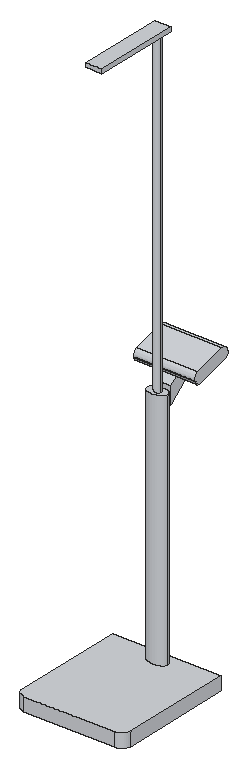
Revit family "MX805", category Specialty Equipment, Revit 2021
Family settings
  Round Connector Dimension = Use Diameter
  Part Type = Normal
  Work Plane-Based = No
  Always vertical = Yes
  Cut with Voids When Loaded = No
  Shared = No
  Room Calculation Point = No
Parameters
  width = 16.0"
  to wall = 3.32"
  to rear of handlebar = 24.84"
  OA HGT = 43.398"
  Height from Floor = 41.5"
  Height Rod Max = 86.14"
  Handlebar width = 15.25"
  Default Elevation = 0.0"
Reference planes (in)
  plane 1 "Center (Front/Back)": y = 0
  plane 2: z = 0
  plane 3 "Center (Left/Right)": x = -0.33211
  plane 4: x = -8.33211
  plane 5: x = 7.66789
  plane 6: y = 3.32
  plane 7: z = 41.5
  plane 8: x = -7.95711
  plane 9: x = 7.29289
  plane 10: z = 86.14
  plane 11: y = -17.99534
  plane 12: y = 6.84466
Forms (in)
  Extrusion 1, solid
    sketch origin (0, 0, 0) x (1, 0, 0) y (0, 1, 0)
      loop
        line (-8.33211, 0) -> (-8.33211, -16.75463)
        arc (-8.33211, -16.75463) -> (-7.966, -17.63851) -> (-7.08211, -18.00463) r 1.25
        line (-7.08211, -18.00463) -> (6.41789, -18.00463)
        arc (6.41789, -18.00463) -> (7.30177, -17.63851) -> (7.66789, -16.75463) r 1.25
        line (7.66789, -16.75463) -> (7.66789, 0) -> (-8.33211, 0)
    from 0 to 2
  Extrusion 2, solid
    sketch origin (0, 25.1967, -4.54459) x (0, 0.965926, 0.258819) y (0, -0.258819, 0.965926)
      loop
        arc (-12.46516, 50.60116) -> (-12.99549, 50.38149) -> (-13.21516, 49.85116) r 0.75
        line (-13.21516, 49.85116) -> (-13.21516, 49.63415)
        arc (-13.21516, 49.63415) -> (-12.99549, 49.10382) -> (-12.46516, 48.88415) r 0.75
        line (-12.46516, 48.88415) -> (-7.82644, 48.88415)
        arc (-7.82644, 48.88415) -> (-7.29611, 49.10382) -> (-7.07644, 49.63415) r 0.75
        line (-7.07644, 49.63415) -> (-7.07644, 49.85116)
        arc (-7.07644, 49.85116) -> (-7.29611, 50.38149) -> (-7.82644, 50.60116) r 0.75
        line (-7.82644, 50.60116) -> (-12.46516, 50.60116)
    from 4.22919 to -4.83211
  Extrusion 3, solid
    sketch origin (-9.73663, 0, 0) x (1, 0, 0) y (0, 1, 0)
      loop
        spline (10.90286, -1.71371) -> (10.85175, -1.45489) -> (10.7019, -1.21371) -> (10.46352, -1.0066) -> (10.15286, -0.84768) -> (9.79109, -0.74778) -> (9.40286, -0.71371) -> (9.01463, -0.74778) -> (8.65286, -0.84768) -> (8.3422, -1.0066) -> (8.10383, -1.21371) -> (7.95397, -1.45489) -> (7.90286, -1.71371)
        spline (7.90286, -1.71371) -> (7.95397, -1.97253) -> (8.10383, -2.21371) -> (8.3422, -2.42082) -> (8.65286, -2.57973) -> (9.01463, -2.67963) -> (9.40286, -2.71371) -> (9.79109, -2.67963) -> (10.15286, -2.57973) -> (10.46352, -2.42082) -> (10.7019, -2.21371) -> (10.85175, -1.97253) -> (10.90286, -1.71371)
    from 2 to 37.76886
  Extrusion 4, solid
    sketch origin (-9.70617, 0, 0) x (1, 0, 0) y (0, 1, 0)
      loop
        circle (9.28581, -1.61389) r 0.5
    from 4.20492 to 85.48555
  Extrusion 5, solid
    sketch origin (-0.33211, 0, 0) x (0, 1, 0) y (0, 0, 1)
      loop
        line (-13.5, 86.14) -> (-13.5, 85.48555) -> (-0.78399, 85.48555) -> (-0.78399, 86.14) -> (-13.5, 86.14)
    from -1.20869 to 1.17685
  Extrusion 6, solid
    sketch origin (-0.33211, 0, 0) x (0, 1, 0) y (0, 0, 1)
      loop
        line (-0.73961, 35.87054) -> (1.94715, 38.0843) -> (1.94715, 39.8343) -> (0.98122, 39.57548) -> (-0.73961, 38.37054) -> (-0.73961, 35.87054)
    from -1.20869 to 1.17685
Dimensions and locks (in)
  equal spacing: plane 4, plane 3 "Center (Left/Right)", plane 5
  "width": plane 4 to plane 5
  "to wall": plane 6 to plane 1 "Center (Front/Back)"
  "Height from Floor": plane 7 to level
  equal spacing: plane 8, plane 3 "Center (Left/Right)", plane 9
  "Handlebar width": plane 8 to plane 9
  "Height Rod Max": plane 10 to level
  plane 11 to plane 6 = 21.31534"
  "to rear of handlebar": plane 11 to plane 12
  aligned and locked: level to plane 2
Automatic sketch dimensions
  plane 1 "Center (Front/Back)" to Extrusion 1 sketch curve = 0.0"
  Extrusion 1 sketch curve to plane 4 = 0.0"
  Extrusion 1 sketch curve to plane 5 = 0.0"
  plane 8 to Extrusion 1 sketch curve = 0.875"
  Extrusion 1 sketch curve to plane 9 = 0.875"
  plane 11 to Extrusion 1 sketch curve = 1.24071"
  plane 1 "Center (Front/Back)" to Extrusion 2 sketch curve = 0.41443"
  Extrusion 2 sketch curve to plane 7 = 1.52202"
  Extrusion 2 sketch curve to Extrusion 2 sketch curve = 0.75"  (x2)
  Extrusion 2 sketch curve to Extrusion 2 sketch curve = 0.0"  (x2)
  Extrusion 2 sketch curve to Extrusion 2 sketch curve = 4.63872"
  Extrusion 2 sketch curve to Extrusion 2 sketch curve = 0.21701"
  Extrusion 3 sketch curve to plane 3 "Center (Left/Right)" = 0.00165"
  plane 1 "Center (Front/Back)" to Extrusion 3 sketch curve = 1.71371"
  plane 3 "Center (Left/Right)" to Extrusion 3 sketch curve = 1.49835"
  Extrusion 4 sketch curve to plane 3 "Center (Left/Right)" = 0.08825"
  plane 1 "Center (Front/Back)" to Extrusion 4 sketch curve = 1.61389"
  Extrusion 5 sketch curve to plane 10 = 0.0"
  Extrusion 5 sketch curve to plane 10 = 0.65445"
  plane 11 to Extrusion 5 sketch curve = 4.49534"
  plane 1 "Center (Front/Back)" to Extrusion 5 sketch curve = 0.78399"
  plane 1 "Center (Front/Back)" to Extrusion 6 sketch curve = 0.73961"
  Extrusion 6 sketch curve to plane 1 "Center (Front/Back)" = 0.98122"
  Extrusion 6 sketch curve to Extrusion 6 sketch curve = 0.96593"
  Extrusion 6 sketch curve to plane 7 = 3.12946"
  Extrusion 6 sketch curve to plane 7 = 1.92452"
  Extrusion 6 sketch curve to Extrusion 6 sketch curve = 0.25882"
  Extrusion 6 sketch curve to Extrusion 6 sketch curve = 1.75"
  Extrusion 6 sketch curve to Extrusion 6 sketch curve = 2.5"
  radius of Extrusion 4 sketch curve = 0.5"
